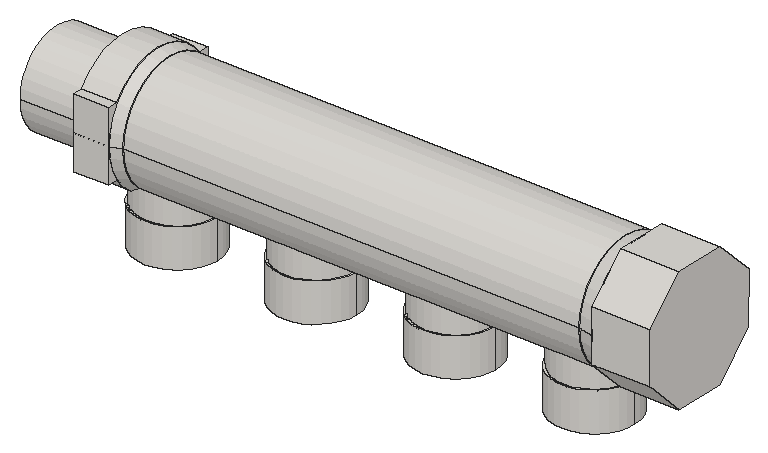
Revit family "VTc.500.N", category Арматура трубопроводов, Revit 2019
Family settings
  Размер круглого соединителя = Использовать диаметр
  Тип детали = Клапан - Вставляется
  На основе рабочей плоскости = Нет
  Всегда вертикально = Да
  При загрузке вырезать с полостями = Нет
  Общий = Нет
Parameters
  Таблица [instance] = "VTc.500.N"
  С [instance] = 36 mm  # constant formula
  Ошибка [instance] = if(L < 90 mm, "Ошибка", "")  # ""
  Количество выпусков [instance] = 4
  Изготовитель = "VALTEC"
  Группа модели = "Коллекторы для воды"
  z [instance] = size_lookup(Таблица, "z", n2, Du)  # 18 mm
  y [instance] = size_lookup(Таблица, "y", n2, Du)  # 3 mm
  u [instance] = size_lookup(Таблица, "u", n2, Du)  # 4 mm
  n3 [instance] = n2 / 1 mm  # 4
  n2 [instance] = if(and(Количество выпусков = 2, Du = 20 mm), 2 mm, if(and(Количество выпусков < 2, Du = 20 mm), 2 mm, if(and(Количество выпусков < 3, Du = 20 mm), 3 mm, if(and(Количество выпусков = 4, Du = 20 mm), 4 mm, if(and(Количество выпусков = 2, Du = 25 mm), 2 mm, if(and(Количество выпусков < 2, Du = 25 mm), 2 mm, if(and(Количество выпусков < 3, Du = 25 mm), 3 mm, if(and(Количество выпусков = 4, Du = 25 mm), 4 mm, Количество выпусков * 1 mm))))))))  # 4 mm
  ms [instance] = size_lookup(Таблица, "ms", n2, Du)  # 312 mm
  du3 [instance] = 21 mm  # constant formula
  du2 [instance] = size_lookup(Таблица, "du2", n2, Du)  # 24 mm
  du1 [instance] = size_lookup(Таблица, "du2", n2, Du)  # 24 mm
  d2 [instance] = size_lookup(Таблица, "d2", n2, Du)  # 32 mm
  d1 [instance] = size_lookup(Таблица, "d1", n2, Du)  # 30 mm
  b [instance] = size_lookup(Таблица, "b", n2, Du)  # 15 mm
  a [instance] = size_lookup(Таблица, "a", n2, Du)  # 32 mm
  URL = "https://valtec.ru/"
  Lu [instance] = size_lookup(Таблица, "Lu", n2, Du)  # 14 mm
  L3 [instance] = size_lookup(Таблица, "L3", n2, Du)  # 9 mm
  L [instance] = size_lookup(Таблица, "L", 0 mm, Du, n2)  # 166 mm
  H [instance] = size_lookup(Таблица, "H", n2, Du)  # 28 mm
  Du [instance] = 20 mm
  ADSK_Позиция [instance] = ""
  ADSK_Обозначение [instance] = "VTc.500.N"  # constant formula
  ADSK_Наименование [instance] = size_lookup(Таблица, "", "Данный типоразмер отсутствует", Du)  # "Коллектор с наружной резьбой 3/4\", 4 х 1/2\""
  ADSK_Материал [instance] = Латунь
  ADSK_Масса [instance] = ms / 1000 mm  # 0.312
  ADSK_Код изделия [instance] = size_lookup(Таблица, "Код продукта", "Данный типоразмер отсутствует", Du, n2)  # "VTc.500.N.0504"
  ADSK_Завод-изготовитель [instance] = Изготовитель  # "VALTEC"
  ADSK_Единица измерения [instance] = "шт."  # constant formula
  ADSK_URL страницы изделия [instance] = "https://valtec.ru/catalog/kollektornye_sistemy/kollektory_dlya_vody/kollektor_s_narujnoj_rezboj_vtc500n.html"
  ADSK_URL документации изделия [instance] = "https://valtec.ru/document/technical/VTc.500-550-1116.pdf"
Reference planes
  plane 1 "По центру (Вперед/Назад)": y = 0
  plane 2: z = 0
  plane 3 "По центру (Влево/Вправо)": x = 0
  plane 4: x = -66
  plane 5: x = -83
  plane 6: x = -57
  plane 7: x = -54
  plane 8: x = 64
  plane 9: x = 68
  plane 10: z = 9
  plane 11: z = -9
  plane 12: y = 16
  plane 13: y = -16
  plane 14: through (4267.2, 0, 0) normal (0, -0.7071, -0.7071)
  plane 15: through (4267.2, 0, 0) normal (0, -0.7071, 0.7071)
  plane 16: through (4267.2, -15.815, -6.812) normal (0, 0.7071, 0.7071)
  plane 17: through (4267.2, 11.002, -11.625) normal (0, -0.7071, 0.7071)
  plane 18: through (4267.2, -8.591, 14.036) normal (0, 0.7071, -0.7071)
  plane 19: through (4267.2, 6.812, 15.815) normal (0, 0.7071, 0.7071)
  plane 20: y = 16
  plane 21: y = -16
  plane 22: z = 16
  plane 23: z = -16
  plane 24: x = 83
  plane 25: z = -28
  plane 26: x = -52
  plane 27: x = -16
  plane 28: x = 20
  plane 29: x = 56
Forms (mm)
  Extrusion 1, solid, material "Латунь" <- "ADSK_Материал", detail levels fine
    sketch origin (0, 0, 0) x (0, 1, 0) y (0, 0, 1)
      loop
        circle (0, 0) r 15
    from -54 to 64
  Extrusion 2, solid, material "Латунь" <- "ADSK_Материал", detail levels fine
    sketch origin (0, 0, 0) x (0, 1, 0) y (0, 0, 1)
      loop
        circle (0, 0) r 16
    from -66 to -57
  Blend 3, solid, material "Латунь" <- "ADSK_Материал", detail levels fine
    base sketch origin (0, 0, 0) x (0, 1, 0) y (0, 0, 1)
      loop
        circle (0, 0) r 16
    top sketch origin (0, 0, 0) x (0, 1, 0) y (0, 0, 1)
      loop
        circle (0, 0) r 15
    from -57 to -54
  Extrusion 4, solid, material "Латунь" <- "ADSK_Материал", detail levels fine
    sketch origin (0, 0, 0) x (0, 1, 0) y (0, 0, 1)
      loop
        circle (0, 0) r 12
    from -83 to -66
  Extrusion 5, solid, material "Латунь" <- "ADSK_Материал", detail levels fine
    sketch origin (0, 0, 0) x (1, 0, 0) y (0, 0, 1)
      loop
        line (-66, 9) -> (-66, -9) -> (-57, -9) -> (-57, 9) -> (-66, 9)
    from -16 to 16
  Blend 6, solid, material "Латунь" <- "ADSK_Материал", detail levels fine
    base sketch origin (0, 0, 0) x (0, 1, 0) y (0, 0, 1)
      loop
        circle (0, 0) r 15
    top sketch origin (0, 0, 0) x (0, 1, 0) y (0, 0, 1)
      loop
        circle (0, 0) r 16
    from 64 to 68
  Extrusion 7, solid, material "Латунь" <- "ADSK_Материал", detail levels fine
    sketch origin (0, 0, 0) x (0, 1, 0) y (0, 0, 1)
      loop
        line (-6.627, 16) -> (-16, 6.627) -> (-16, -6.627) -> (-6.627, -16) -> (6.627, -16) -> (16, -6.627) -> (16, 6.627) -> (6.627, 16) -> (-6.627, 16)
    from 68 to 83
Dimensions and locks
  "y": plane 6 to plane 7
  "L3": plane 4 to plane 6
  "u": plane 8 to plane 9
  equal spacing: plane 10, level, plane 11
  "z": plane 10 to plane 11
  equal spacing: plane 12, plane 1 "По центру (Вперед/Назад)", plane 13
  "a": plane 12 to plane 13
  equal spacing: plane 19, plane 14, plane 16
  equal spacing: plane 17, plane 15, plane 18
  equal spacing: plane 22, level, plane 23
  equal spacing: plane 21, plane 1 "По центру (Вперед/Назад)", plane 20
  "a": plane 19 to plane 16
  "a": plane 21 to plane 20
  "a": plane 17 to plane 18
  "a": plane 22 to plane 23
  "b": plane 9 to plane 24
  "H": level to plane 25
  "L": plane 5 to plane 24
  equal spacing: plane 5, plane 3 "По центру (Влево/Вправо)", plane 24
  locked: plane 5 to plane 4 at 17
  "Lu": plane 4 to plane 26
  equal spacing: group 1, group 2, group 7, group 8  (x3)
  equal spacing: group 3, group 4, group 5, group 6  (x3)
  "С": plane 26 to plane 27
  "d1": diameter of Extrusion 1 sketch curve
  "d2": diameter of Extrusion 2 sketch curve
  "d2": diameter of Blend 3 sketch curve
  "d1": diameter of Blend 3 sketch curve
  "du1": diameter of Extrusion 4 sketch curve
  "d1": diameter of Blend 6 sketch curve
  "a": diameter of Blend 6 sketch curve
  aligned and locked: level to plane 2
  aligned and locked: plane 1 "По центру (Вперед/Назад)" to Extrusion 1 sketch curve
  aligned and locked: level to Extrusion 1 sketch curve
  aligned and locked: Extrusion 1 to plane 7
  aligned and locked: plane 8 to Extrusion 1
  aligned and locked: Extrusion 2 to plane 4
  aligned and locked: plane 6 to Extrusion 2
  aligned and locked: plane 1 "По центру (Вперед/Назад)" to Blend 3 sketch curve  (x2)
  aligned and locked: level to Blend 3 sketch curve  (x2)
  aligned and locked: Blend 3 to plane 6
  aligned and locked: plane 7 to Blend 3
  aligned and locked: plane 1 "По центру (Вперед/Назад)" to Extrusion 4 sketch curve
  aligned and locked: level to Extrusion 4 sketch curve
  aligned and locked: Extrusion 4 to plane 5
  aligned and locked: plane 4 to Extrusion 4
  aligned and locked: Extrusion 5 sketch curve to plane 10
  aligned and locked: plane 4 to Extrusion 5 sketch curve
  aligned and locked: Extrusion 5 sketch curve to plane 6
  aligned and locked: plane 11 to Extrusion 5 sketch curve
  aligned and locked: plane 12 to Extrusion 5
  aligned and locked: Extrusion 5 to plane 13
  aligned and locked: plane 1 "По центру (Вперед/Назад)" to Blend 6 sketch curve  (x2)
  aligned and locked: level to Blend 6 sketch curve  (x2)
  aligned and locked: Blend 6 to plane 8
  aligned and locked: plane 9 to Blend 6
  aligned and locked: Extrusion 7 sketch curve to plane 22
  aligned and locked: plane 18 to Extrusion 7 sketch curve
  aligned and locked: plane 13 to Extrusion 7 sketch curve
  aligned and locked: plane 16 to Extrusion 7 sketch curve
  aligned and locked: plane 23 to Extrusion 7 sketch curve
  aligned and locked: plane 17 to Extrusion 7 sketch curve
  aligned and locked: Extrusion 7 sketch curve to plane 12
  aligned and locked: Extrusion 7 sketch curve to plane 19
  aligned and locked: Extrusion 7 to plane 9
  aligned and locked: plane 24 to Extrusion 7
  aligned and locked: plane 26 to nested 1
  aligned and locked: plane 1 "По центру (Вперед/Назад)" to nested 1
  aligned and locked: plane 27 to nested 2
Automatic sketch dimensions
  Extrusion 2 sketch curve to level = 0 mm
  Extrusion 2 sketch curve to plane 1 "По центру (Вперед/Назад)" = 0 mm
Nested families
  nested 1: "выход" at (-52, 0, 0), ADSK_Материал <- "ADSK_Материал", type "выход", detail levels fine
    with H 28 mm, ADSK_Материал Латунь
  nested 2: "выход" at (-16, 0, 0), ADSK_Материал <- "ADSK_Материал", type "выход", detail levels fine
    with H 28 mm, ADSK_Материал Латунь
  nested 3: "выход" at (20, 0, 0), ADSK_Материал <- "ADSK_Материал", type "выход", detail levels fine
    with H 28 mm, ADSK_Материал Латунь
  nested 4: "выход" at (56, 0, 0), ADSK_Материал <- "ADSK_Материал", type "выход", detail levels fine
    with H 28 mm, ADSK_Материал Латунь
  nested 5: "анатация" at (0, 0, 0), type "анатация", detail levels coarse+medium
Connectors
  piping at (-83, 0, 0), diameter 24, driven by "du1"
    settings: on Extrusion 4, index 5, connector inside diameter 609.6 mm, connector length 0 mm, flow factor 0, pipe flow 0.0 L/s, pressure drop 0.0 Pa, fitting loss kfactor 0, connector angle 0.00°, fixture units 0, engagement length 0 mm, angle of deflection 0.00°, flow configuration 0, flow direction 0, fitting loss method 0, system type 7, joint type 0, gender type 0, connector reference index -1, connector utility 0, adjustable connector no, is connector primary yes, connector description ""
  piping at (68, 0, 0), diameter 24, driven by "du2"
    settings: on Blend 6, index 6, connector inside diameter 609.6 mm, connector length 0 mm, flow factor 0, pipe flow 0.0 L/s, pressure drop 0.0 Pa, fitting loss kfactor 0, connector angle 0.00°, fixture units 0, engagement length 0 mm, angle of deflection 0.00°, flow configuration 0, flow direction 0, fitting loss method 0, system type 7, joint type 0, gender type 0, connector reference index -1, connector utility 0, adjustable connector no, is connector primary no, connector description ""
  piping at (-52, 0, -28), diameter 21, driven by "du3"
    settings: on nested 1, index 7, connector inside diameter 609.6 mm, connector length 0 mm, flow factor 0, pipe flow 0.0 L/s, pressure drop 0.0 Pa, fitting loss kfactor 0, connector angle 0.00°, fixture units 0, engagement length 0 mm, angle of deflection 0.00°, flow configuration 0, flow direction 0, fitting loss method 0, system type 7, joint type 0, gender type 0, connector reference index -1, connector utility 0, adjustable connector no, is connector primary no, connector description ""
  piping at (-16, 0, -28), diameter 21, driven by "du3"
    settings: on nested 2, index 8, connector inside diameter 609.6 mm, connector length 0 mm, flow factor 0, pipe flow 0.0 L/s, pressure drop 0.0 Pa, fitting loss kfactor 0, connector angle 0.00°, fixture units 0, engagement length 0 mm, angle of deflection 0.00°, flow configuration 0, flow direction 0, fitting loss method 0, system type 7, joint type 0, gender type 0, connector reference index -1, connector utility 0, adjustable connector no, is connector primary no, connector description ""
  piping at (20, 0, -28), diameter 21, driven by "du3"
    settings: on nested 3, index 9, connector inside diameter 609.6 mm, connector length 0 mm, flow factor 0, pipe flow 0.0 L/s, pressure drop 0.0 Pa, fitting loss kfactor 0, connector angle 0.00°, fixture units 0, engagement length 0 mm, angle of deflection 0.00°, flow configuration 0, flow direction 0, fitting loss method 0, system type 7, joint type 0, gender type 0, connector reference index -1, connector utility 0, adjustable connector no, is connector primary no, connector description ""
  piping at (56, 0, -28), diameter 21, driven by "du3"
    settings: on nested 4, index 10, connector inside diameter 609.6 mm, connector length 0 mm, flow factor 0, pipe flow 0.0 L/s, pressure drop 0.0 Pa, fitting loss kfactor 0, connector angle 0.00°, fixture units 0, engagement length 0 mm, angle of deflection 0.00°, flow configuration 0, flow direction 0, fitting loss method 0, system type 7, joint type 0, gender type 0, connector reference index -1, connector utility 0, adjustable connector no, is connector primary no, connector description ""
Definition of nested family "выход"
  Parameters (values of type "выход")
    H [instance] = 28 mm
    ADSK_Материал [instance] = none
  Reference planes
    plane 1 "По центру (Вперед/Назад)": y = 0
    plane 2: z = 0
    plane 3 "По центру (Влево/Вправо)": x = 0
    plane 4: z = -18
    plane 5: z = -28
  Forms (mm)
    Extrusion 1, solid, detail levels fine
      sketch origin (0, 0, 0) x (1, 0, 0) y (0, 1, 0)
        loop
          circle (0, 0) r 10
      from -18 to 0
    Extrusion 2, solid, material <- "ADSK_Материал", detail levels fine
      sketch origin (0, 0, 0) x (1, 0, 0) y (0, 1, 0)
        loop
          circle (0, 0) r 10.5
      from -28 to -18
  Dimensions and locks
    locked: plane 4 to plane 5 at 10
    "H": level to plane 5
    diameter of Extrusion 1 sketch curve = 20 mm
    diameter of Extrusion 2 sketch curve = 21 mm
    aligned and locked: level to plane 2
    aligned and locked: plane 3 "По центру (Влево/Вправо)" to Extrusion 1 sketch curve
    aligned and locked: plane 1 "По центру (Вперед/Назад)" to Extrusion 1 sketch curve
    aligned and locked: Extrusion 1 to plane 4
    aligned and locked: level to Extrusion 1
    aligned and locked: plane 3 "По центру (Влево/Вправо)" to Extrusion 2 sketch curve
    aligned and locked: plane 1 "По центру (Вперед/Назад)" to Extrusion 2 sketch curve
    aligned and locked: Extrusion 2 to plane 5
    aligned and locked: plane 4 to Extrusion 2
Definition of nested family "анатация"
  Reference planes
    plane 1: y = 0
    plane 2: x = 0
  Lines and regions (mm)
    detail lines
      curve 1: line (-50, 0, 0) -> (50, 0, 0)
